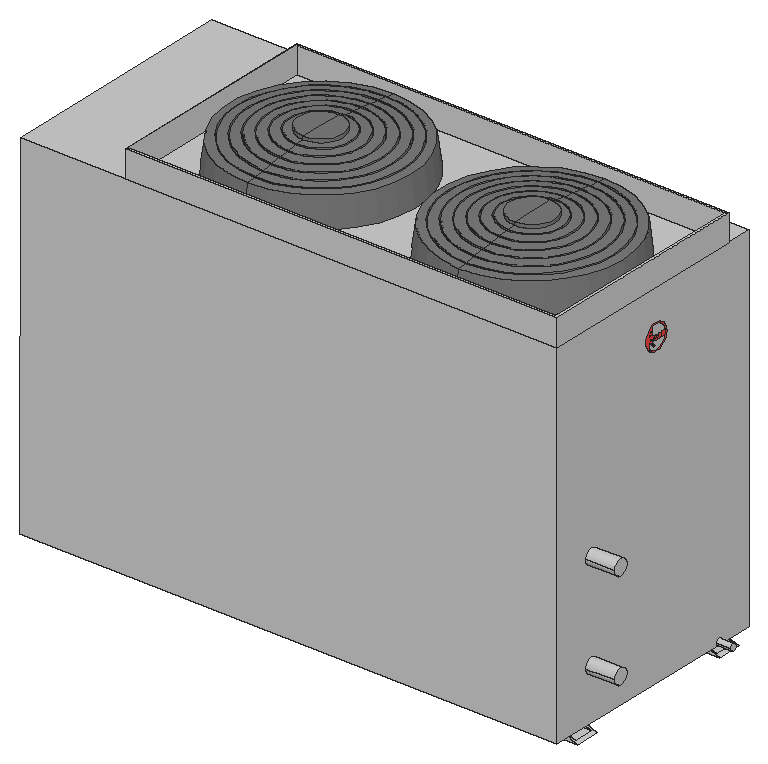
Revit family "Heat Pump-Rheem-A2W-35kW-Vertical", category Mechanical Equipment, Revit 2020
Family settings
  Round Connector Dimension = Use Radius
  Part Type = Normal
  OmniClass Number = 23.75.10.21
  OmniClass Title = Heat Pumps
  Work Plane-Based = No
  Always vertical = Yes
  Cut with Voids When Loaded = No
  Shared = No
  Room Calculation Point = No
Parameters (values of type "95203500")
  calcFanGuardDepth = 136 mm  # constant formula
  Width_ANZRS = 807 mm  # constant formula
  Wattage_ANZRS = 35 kW  # constant formula
  Voltage_ANZRS = 230 V
  URL = "https://www.rheem.com.au/products/commercial/commercial-heat-pumps"
  Type Comments = ""
  SupportInsetSide = 66 mm  # constant formula
  Show Fan Frame = yes
  ProductCode_ANZRS = "95203500"
  PowerFactor_ANZRS = 1
  PipeInsetSide = 145 mm  # constant formula
  OutletPipeDiameter = 50 mm  # constant formula
  calcOutletPipeRad = if(1 = 1, OutletPipeDiameter / 2, 0 mm)  # 25 mm
  Model = "Rheem Commercial Air to Water Heat Pump – 35kW Vertical Discharge & Ducted"
  Material_ANZRS = Rheem-Steel-Grey
  Manufacturer = "Rheem"  # constant formula
  Length_ANZRS = 1805 mm  # constant formula
  InletPipeDiameter = 50 mm  # constant formula
  calcInletPipeRadius = if(1 = 1, InletPipeDiameter / 2, 0 mm)  # 25 mm
  Height_ANZRS = 1378 mm  # constant formula
  Description = "Rheem's Commercial Air to Water (A2W) Heat Pump is designed with the commercial user in mind. A truly commercial grade heat pump that delivers hot water at 65°C with a system Coefficient of Performance (COP) up to 4.0. Ducted models are designed to be connected to ducting to convey cold discharge air away from the heat pump air inlet if a sufficient supply of heat energy is not available in the installation area."
  Default Elevation = 0 mm
  CreatedBy_ANZRS = "Design Content"  # constant formula
  CreatedByURL_ANZRS = "https://www.designcontent.com.au/"
  BodyWidth = 807 mm  # constant formula
  Assembly Code = ""
  ApparentLoad_ANZRS = Wattage_ANZRS  # 35 kW
Types (2, lengths in mm): name | Show Fan Frame | ProductCode_ANZRS | Model | Description
  95203500 | yes | "95203500" | "Rheem Commercial Air to Water Heat Pump – 35kW Vertical Discharge & Ducted" | "Rheem's Commercial Air to Water (A2W) Heat Pump is designed with the commercial user in mind. A truly commercial grade heat pump that delivers hot water at 65°C with a system Coefficient of Performance (COP) up to 4.0. Ducted models are designed to be connected to ducting to convey cold discharge air away from the heat pump air inlet if a sufficient supply of heat energy is not available in the installation area."
  95303500 | no | "95303500" | "Rheem Commercial Air to Water Heat Pump – 35kW Vertical Discharge & Non Ducted" | "Rheem's Commercial Air to Water (A2W) Heat Pump is designed with the commercial user in mind. A truly commercial grade heat pump that delivers hot water at 65°C with a system Coefficient of Performance (COP) up to 4.0. Non ducted models are generally designed for outdoor installations. Non ducted models may be installed indoors, without ducting, if a sufficient supply of heat energy is available."
Reference planes
  plane 1 "Center (Front/Back)": y = 0
  plane 2: z = 0
  plane 3 "Center (Left/Right)": x = 0
  plane 4 "Back": y = 403.5
  plane 5 "Front": y = -403.5
  plane 6 "Left": x = -902.5
  plane 7 "Right": x = 902.5
  plane 8: z = 47
  plane 9 "HEIGHT": z = 1242
  plane 10 "Inlet": z = 222.5
  plane 11 "Outlet": z = 551.5
  plane 12: y = 401.5
  plane 13: x = 846.5
  plane 14: x = -787.5
  plane 15: x = 1002.5
  plane 16 "Pipe Connectors": y = -258.5
  plane 17: y = -337.5
  plane 18: y = 337.5
  plane 19 "CompAccess1": y = 227.5
  plane 20 "CompAccess2": y = -330.5
  plane 21: z = 23.5
  plane 22: x = 952.5
  plane 23: z = 1333
  plane 24: x = 922.5
Forms (mm)
  Extrusion 1, solid, material "Rheem-Steel-Grey" <- "Material_ANZRS", detail levels medium+fine
    sketch origin (0, 0, 0) x (1, 0, 0) y (0, 1, 0)
      loop
        line (-902.5, 401.5) -> (-902.5, -403.5) -> (902.5, -403.5) -> (902.5, 401.5) -> (-902.5, 401.5)
    from 47 to 1242
  Extrusion 2, solid, material "Rheem-Steel-Grey" <- "Material_ANZRS", detail levels medium+fine
    sketch origin (0, 0, 0) x (1, 0, 0) y (0, 0, 1)
      loop
        line (-902.5, 1242) -> (-902.5, 47) -> (-14.281, 47) -> (902.5, 47) -> (902.5, 1242) -> (-902.5, 1242)
      loop
        line (-787.5, 67) -> (19.5, 67) -> (19.5, 611) -> (-787.5, 611) -> (-787.5, 67)
      loop
        line (-787.5, 1222) -> (-787.5, 631) -> (19.5, 631) -> (19.5, 1222) -> (-787.5, 1222)
      loop
        line (846.5, 1222) -> (39.5, 1222) -> (39.5, 631) -> (846.5, 631) -> (846.5, 1222)
      loop
        line (39.5, 67) -> (846.5, 67) -> (846.5, 611) -> (39.5, 611) -> (39.5, 67)
    from -403.5 to -401.5
  Extrusion 3, solid, material "Rheem-Steel-Grey" <- "Material_ANZRS"
    sketch origin (0, 111.908, 381.979) x (0, -1, 0) y (0, 0, 1)
      loop
        circle (370.408, -159.479) r 25
      loop
        circle (370.408, 169.521) r 25
    from -902.5 to -1002.5
  Extrusion 4, solid, material "Rheem-Steel-Grey" <- "Material_ANZRS", visible <- "Show Fan Frame"
    sketch origin (0, -1983.5, 1375) x (-1, 0, 0) y (0, -1, 0)
      loop
        line (548.5, -2303) -> (548.5, -1580) -> (-902.5, -1580) -> (-902.5, -2303) -> (548.5, -2303)
      loop
        line (545.5, -2298) -> (545.5, -1585) -> (-897.5, -1585) -> (-897.5, -2298) -> (545.5, -2298)
    from -133 to -42
  Extrusion 5, solid, material "Rheem-Steel-Grey" <- "Material_ANZRS", detail levels medium+fine
    sketch origin (0, 0, 0) x (1, 0, 0) y (0, 0, 1)
      loop
        line (-902.5, 5) -> (-927.5, 5) -> (-927.5, 0) -> (-897.5, 0) -> (-897.5, 18.5) -> (-827.5, 18.5) -> (-827.5, 0) -> (-797.5, 0) -> (-797.5, 5) -> (-822.5, 5) -> (-822.5, 23.5) -> (-902.5, 23.5) -> (-902.5, 5)
    from -337.5 to 337.5
  Extrusion 6, solid, material "Rheem-Steel-Grey-Perforated", detail levels medium+fine
    sketch origin (-575, 357.5, 0) x (1, 0, 0) y (0, 0, -1)
      loop
        line (1421.5, -1222) -> (1421.5, -631) -> (614.5, -631) -> (614.5, -1222) -> (1421.5, -1222)
      loop
        line (1421.5, -67) -> (614.5, -67) -> (614.5, -611) -> (1421.5, -611) -> (1421.5, -67)
      loop
        line (-212.5, -611) -> (594.5, -611) -> (594.5, -67) -> (-212.5, -67) -> (-212.5, -611)
      loop
        line (594.5, -1222) -> (594.5, -631) -> (-212.5, -631) -> (-212.5, -1222) -> (594.5, -1222)
    from 44 to 46
  Extrusion 7, solid, material "Rheem-Steel-Grey" <- "Material_ANZRS"
    sketch origin (902.5, 0, 0) x (0, -1, 0) y (0, 0, -1)
      loop
        circle (-277.5, -57) r 10
    from 0 to 50
  Extrusion 8, solid, detail levels medium+fine
    sketch origin (-902.5, 0, 425) x (0, -1, 0) y (0, 0, 1)
      loop
        circle (367, 725) r 15
      loop
        circle (367.008, 675) r 15
      loop
        circle (367.008, 625) r 15
      loop
        circle (367.008, 575) r 15
    from 0 to 5
  Extrusion 9, solid, material "Rheem-Steel-Grey" <- "Material_ANZRS", detail levels coarse
    sketch origin (0, 0, 1242) x (-1, 0, 0) y (0, -1, 0)
      loop
        line (902.5, -403.5) -> (902.5, 403.5) -> (-902.5, 403.5) -> (-902.5, -403.5) -> (902.5, -403.5)
    from -1242 to 0
  Extrusion 10, solid, material "Rheem-Steel-Grey" <- "Material_ANZRS", detail levels medium+fine
    sketch origin (0, 0, 0) x (0, 1, 0) y (0, 0, 1)
      loop
        line (362.5, 47) -> (332.5, 47) -> (332.5, 28.5) -> (262.481, 28.5) -> (262.481, 47) -> (232.395, 47) -> (232.395, 42) -> (257.395, 42) -> (257.395, 23.5) -> (337.5, 23.5) -> (337.5, 42) -> (362.5, 42) -> (362.5, 47)
      loop
        line (-232.395, 47) -> (-262.395, 47) -> (-262.395, 28.5) -> (-332.414, 28.5) -> (-332.414, 47) -> (-362.5, 47) -> (-362.5, 42) -> (-337.5, 42) -> (-337.5, 23.5) -> (-257.395, 23.5) -> (-257.395, 42) -> (-232.395, 42) -> (-232.395, 47)
    from -902.5 to 922.5
  Extrusion 11, void
    sketch origin (0, 0, 0) x (-1, 0, 0) y (0, 0, -1)
      loop
        line (-922.5, -23.5) -> (-922.5, -47) -> (-859.96, -47) -> (-922.5, -23.5)
    from -362.5 to 362.5
Cuts and joins
  Extrusion 11 cuts Extrusion 1
  Extrusion 11 cuts Extrusion 2
  joined: Extrusion 1, Extrusion 2
  Extrusion 11 cuts Extrusion 9
  Extrusion 11 cuts Extrusion 10
Lines and regions (mm)
  Split face 1
    outline origin (-902.5, 401.5, 1242) x (0, 1, 0) y (0, 0, -1)
      loop
        line (-174, 1) -> (-174, 1194) -> (-732, 1194) -> (-732, 1) -> (-174, 1)
  Split face 2
    outline origin (902.5, 401.5, 47) x (0, 1, 0) y (0, 0, 1)
      loop
        line (-601, 1194) -> (-601, 1) -> (-173, 1) -> (-173, 1194) -> (-601, 1194)
  model lines, style "Heat Pumps", detail levels medium+fine
    curve 1: line (-722.5, -403.5, 1105.005) -> (722.5, -403.5, 1105.005)
    curve 2: line (-802.5, -403.5, 825.005) -> (-802.5, -403.5, 1025.005)
    curve 3: line (722.5, -403.5, 745.005) -> (-722.5, -403.5, 745.005)
    curve 4: line (802.5, -403.5, 1025.005) -> (802.5, -403.5, 825.005)
    curve 5: arc (-722.5, -403.5, 1105.005) -> (-779.069, -403.5, 1081.573) -> (-802.5, -403.5, 1025.005) r 80
    curve 6: arc (-802.5, -403.5, 825.005) -> (-779.069, -403.5, 768.436) -> (-722.5, -403.5, 745.005) r 80
    curve 7: arc (722.5, -403.5, 745.005) -> (779.069, -403.5, 768.436) -> (802.5, -403.5, 825.005) r 80
    curve 8: arc (802.5, -403.5, 1025.005) -> (779.069, -403.5, 1081.573) -> (722.5, -403.5, 1105.005) r 80
    curve 9: line (-722.5, -403.5, 183.995) -> (722.5, -403.5, 183.995)
    curve 10: line (-802.5, -403.5, 463.995) -> (-802.5, -403.5, 263.995)
    curve 11: line (722.5, -403.5, 543.995) -> (-722.5, -403.5, 543.995)
    curve 12: line (802.5, -403.5, 263.995) -> (802.5, -403.5, 463.995)
    curve 13: arc (-722.5, -403.5, 183.995) -> (-779.069, -403.5, 207.427) -> (-802.5, -403.5, 263.995) r 80
    curve 14: arc (-802.5, -403.5, 463.995) -> (-779.069, -403.5, 520.564) -> (-722.5, -403.5, 543.995) r 80
    curve 15: arc (722.5, -403.5, 543.995) -> (779.069, -403.5, 520.564) -> (802.5, -403.5, 463.995) r 80
    curve 16: arc (802.5, -403.5, 263.995) -> (779.069, -403.5, 207.427) -> (722.5, -403.5, 183.995) r 80
Dimensions and locks
  equal spacing: plane 6 "Left", plane 3 "Center (Left/Right)", plane 7 "Right"
  equal spacing: plane 4 "Back", plane 1 "Center (Front/Back)", plane 5 "Front"
  "BodyWidth": plane 4 "Back" to plane 5 "Front"
  "Length_ANZRS": plane 6 "Left" to plane 7 "Right"
  locked: plane 10 "Inlet" to plane 21 at 199
  locked: plane 11 "Outlet" to plane 10 "Inlet" at 329
  locked: plane 4 "Back" to plane 12 at 2
  locked: plane 8 to Extrusion 2 sketch curve at 20
  locked: Extrusion 2 sketch curve to plane 9 "HEIGHT" at 20
  locked: plane 15 to plane 7 "Right" at 100
  locked: Extrusion 4 sketch curve to Extrusion 4 sketch curve at 5  (x2)
  locked: plane 7 "Right" to Extrusion 4 sketch curve at 5
  "PipeInsetSide": plane 5 "Front" to plane 16 "Pipe Connectors"
  Extrusion 5 sketch curve to plane 6 "Left" to Extrusion 5 sketch curve to Extrusion 5 sketch curve to Extrusion 5 sketch curve to Extrusion 5 sketch curve = 25 mm locked, 5 mm locked, 70 mm locked, 5 mm locked, 25 mm locked
  Extrusion 5 sketch curve to Extrusion 5 sketch curve to plane 2 = 0 mm locked, 5 mm locked
  "SupportInsetSide": plane 5 "Front" to plane 17
  "SupportInsetSide": plane 18 to plane 4 "Back"
  locked: plane 9 "HEIGHT" to Split face 1 sketch curve at 1
  locked: Split face 1 sketch curve to plane 8 at 1
  locked: plane 13 to plane 7 "Right" at 56
  locked: plane 6 "Left" to plane 14 at 115
  locked: plane 9 "HEIGHT" to plane 8 at 1195
  equal spacing: plane 8, plane 21, plane 2
  locked: plane 21 to Extrusion 5 sketch curve at 5
  locked: plane 5 "Front" to Split face 2 sketch curve at 204
  Split face 2 sketch curve to plane 4 "Back" = 175 mm
  locked: plane 9 "HEIGHT" to Split face 2 sketch curve at 1
  locked: Split face 2 sketch curve to plane 8 at 1
  locked: Extrusion 7 sketch curve to plane 8 at 10
  equal spacing: plane 15, plane 22, plane 7 "Right"
  equal spacing: plane 20 "CompAccess2", Extrusion 8 sketch curve, plane 5 "Front"
  locked: plane 9 "HEIGHT" to nested 1 at 150
  locked: plane 8 to Extrusion 10 sketch curve at 5  (x2)
  locked: Extrusion 10 sketch curve to plane 21 at 5  (x2)
  Extrusion 10 sketch curve to plane 18 to Extrusion 10 sketch curve to Extrusion 10 sketch curve to Extrusion 10 sketch curve to Extrusion 10 sketch curve = 25 mm locked, 5 mm locked, 70.019 mm locked, 5.086 mm locked, 25 mm locked
  locked: plane 6 "Left" to plane 24 at 1825
  locked: plane 4 "Back" to Extrusion 7 sketch curve at 126
  locked: plane 20 "CompAccess2" to plane 5 "Front" at 73
  locked: plane 19 "CompAccess1" to plane 20 "CompAccess2" at 558
  equal spacing: plane 19 "CompAccess1", nested 1, plane 20 "CompAccess2"
  Extrusion 10 sketch curve to Extrusion 10 sketch curve to Extrusion 10 sketch curve to Extrusion 10 sketch curve to Extrusion 10 sketch curve to Extrusion 10 sketch curve = 25 mm locked, 5 mm locked, 70.019 mm locked, 5.086 mm locked, 25 mm locked
  locked: Extrusion 4 sketch curve to Extrusion 4 sketch curve at 723
  plane 9 "HEIGHT" to nested 2 = 150 mm
  equal spacing: Split face 2, nested 2, Split face 2
  locked: plane 8 to plane 2 at 47
  locked: plane 23 to plane 9 "HEIGHT" at 91
  locked: Extrusion 4 sketch curve to plane 7 "Right" at 1451
  plane 7 "Right" to nested 4 to nested 3 = 358 mm locked, 720 mm locked
  "calcOutletPipeRad": radius of Extrusion 3 sketch curve
  "calcInletPipeRadius": radius of Extrusion 3 sketch curve
  radius of Extrusion 7 sketch curve = 10 mm
  aligned and locked: level to plane 2
  aligned and locked: Extrusion 1 sketch curve to plane 6 "Left"
  aligned and locked: Extrusion 1 sketch curve to plane 7 "Right"
  aligned and locked: plane 9 "HEIGHT" to Extrusion 1
  aligned and locked: Extrusion 1 to plane 8
  aligned and locked: plane 5 "Front" to Extrusion 1
  aligned and locked: Extrusion 1 sketch curve to plane 12
  aligned and locked: cut or joined group of Extrusion 1, Extrusion 2, Extrusion 11 to plane 12
  aligned and locked: plane 4 "Back" to cut or joined group of Extrusion 1, Extrusion 2, Extrusion 11
  aligned and locked: Extrusion 2 sketch curve to plane 13
  aligned and locked: plane 14 to Extrusion 2 sketch curve
  aligned and locked: plane 7 "Right" to Extrusion 4 sketch curve
  aligned and locked: Extrusion 3 to plane 7 "Right"
  aligned and locked: Extrusion 5 sketch curve to plane 6 "Left"
  aligned and locked: plane 2 to Extrusion 5 sketch curve  (x2)
  aligned and locked: Extrusion 5 to plane 17
  aligned and locked: plane 18 to Extrusion 5
  aligned and locked: Split face 1 sketch curve to plane 20 "CompAccess2"
  aligned and locked: Split face 1 sketch curve to plane 19 "CompAccess1"
  aligned and locked: plane 11 "Outlet" to Extrusion 3 sketch curve
  aligned and locked: plane 16 "Pipe Connectors" to Extrusion 3 sketch curve  (x2)
  aligned and locked: plane 10 "Inlet" to Extrusion 3 sketch curve
  aligned and locked: Extrusion 6 to plane 13
  aligned and locked: plane 14 to Extrusion 6
  aligned and locked: Extrusion 6 to plane 12
  aligned and locked: plane 4 "Back" to Extrusion 6
  aligned and locked: cut or joined group of Extrusion 1, Extrusion 2, Extrusion 11 to Extrusion 6
  aligned and locked: Extrusion 5 sketch curve to plane 21
  aligned and locked: Extrusion 7 to cut or joined group of Extrusion 1, Extrusion 2, Extrusion 11
  aligned and locked: plane 22 to Extrusion 7
  aligned and locked: Extrusion 8 to cut or joined group of Extrusion 1, Extrusion 2, Extrusion 11
  aligned and locked: Extrusion 9 sketch curve to plane 4 "Back"
  aligned and locked: Extrusion 9 sketch curve to plane 5 "Front"
  aligned and locked: Extrusion 9 sketch curve to plane 7 "Right"
  aligned and locked: Extrusion 9 sketch curve to plane 6 "Left"
  aligned and locked: Extrusion 9 to plane 2
  aligned and locked: Extrusion 10 sketch curve to plane 21  (x2)
  aligned and locked: plane 6 "Left" to Extrusion 10
  aligned and locked: Extrusion 2 sketch curve to Extrusion 6  (x2)
  aligned and locked: plane 15 to Extrusion 3
  aligned and locked: Extrusion 11 sketch curve to plane 24
  aligned and locked: Extrusion 4 to plane 9 "HEIGHT"
  aligned and locked: plane 23 to Extrusion 4
  aligned and locked: plane 9 "HEIGHT" to cut or joined group of Extrusion 9, Extrusion 11
Automatic sketch dimensions
  plane 5 "Front" to Extrusion 1 sketch curve = 0 mm
  plane 6 "Left" to Extrusion 2 sketch curve = 0 mm
  plane 14 to Extrusion 2 sketch curve = 0 mm
  Extrusion 2 sketch curve to plane 8 = 0 mm
  plane 13 to Extrusion 2 sketch curve = 0 mm
  Extrusion 2 sketch curve to plane 7 "Right" = 0 mm
  Extrusion 2 sketch curve to plane 9 "HEIGHT" = 0 mm
  Extrusion 2 sketch curve to plane 3 "Center (Left/Right)" = 14.281 mm
  plane 3 "Center (Left/Right)" to Extrusion 2 sketch curve = 19.5 mm
  Extrusion 2 sketch curve to Extrusion 2 sketch curve = 20 mm  (x2)
  plane 8 to Extrusion 2 sketch curve = 20 mm
  plane 11 "Outlet" to Extrusion 2 sketch curve = 59.5 mm  (x2)
  Extrusion 2 sketch curve to Extrusion 2 sketch curve = 0 mm
  Extrusion 2 sketch curve to plane 9 "HEIGHT" = 20 mm
  plane 5 "Front" to Extrusion 4 sketch curve = 0 mm
  Extrusion 4 sketch curve to Extrusion 4 sketch curve = 3 mm
  plane 14 to Extrusion 6 sketch curve = 0 mm  (x2)
  plane 13 to Extrusion 6 sketch curve = 0 mm  (x2)
  plane 3 "Center (Left/Right)" to Extrusion 6 sketch curve = 19.5 mm  (x2)
  Extrusion 6 sketch curve to Extrusion 6 sketch curve = 20 mm  (x3)
  Extrusion 6 sketch curve to plane 9 "HEIGHT" = 20 mm  (x2)
  plane 11 "Outlet" to Extrusion 6 sketch curve = 79.5 mm  (x2)
  Extrusion 6 sketch curve to Extrusion 6 sketch curve = 0 mm  (x2)
  plane 8 to Extrusion 6 sketch curve = 20 mm
  Extrusion 8 sketch curve to plane 17 = 29.508 mm  (x3)
  Extrusion 8 sketch curve to plane 9 "HEIGHT" = 242 mm
  Extrusion 8 sketch curve to Extrusion 8 sketch curve = 50 mm  (x3)
  Extrusion 10 sketch curve to plane 8 = 0 mm  (x4)
  Extrusion 10 sketch curve to plane 17 = 0 mm
  Extrusion 10 sketch curve to plane 18 = 0 mm
  Extrusion 10 sketch curve to plane 8 = 5 mm  (x2)
  Extrusion 11 sketch curve to plane 8 = 0 mm
  Extrusion 11 sketch curve to plane 21 = 0 mm
  Extrusion 11 sketch curve to plane 13 = 13.46 mm
  curve 12 to Extrusion 1 = 100 mm
  curve 4 to Extrusion 1 = 100 mm
  curve 12 to curve 11 = 80 mm
  curve 4 to curve 3 = 80 mm
  curve 12 to curve 16 = 80 mm
  curve 4 to curve 1 = 80 mm
  Extrusion 1 to curve 9 = 180 mm
  Extrusion 1 to curve 6 = 180 mm
  Extrusion 1 to curve 5 = 180 mm
  Extrusion 1 to curve 11 = 180 mm
  curve 13 to curve 10 = 80 mm
  curve 5 to curve 2 = 80 mm
  Extrusion 1 to curve 1 = 136.995 mm
  curve 5 to curve 6 = 200 mm
  curve 6 to curve 11 = 201.009 mm
  Extrusion 1 to curve 13 = 216.995 mm
  radius of Extrusion 8 sketch curve = 15 mm  (x4)
Nested families
  nested 1: "X_Rheem Logo" at (-902.5, -51.5, 1092) x (0, -1, 0) z (-1, 0, 0), type "Standard", detail levels fine
  nested 2: "X_Rheem Logo" at (902.5, 14.5, 1092) x (0, 1, 0) z (1, 0, 0), type "Standard", detail levels fine
  nested 3: "X_Rheem_FanGuard" at (-175.5, -47.605, 1242), type "Standard"
    with FanGuardRad 320 mm, FanGuardHead 10 mm, FanGuardDepth 136 mm
  nested 4: "X_Rheem_FanGuard" at (544.5, -58.5, 1242), type "Standard"
    with FanGuardRad 320 mm, FanGuardHead 10 mm, FanGuardDepth 136 mm
Connectors
  piping at (1002.5, -258.5, 222.5), diameter 50, driven by "calcInletPipeRadius"
    settings: on Extrusion 3, index 9, connector inside diameter 20 mm, connector length 0 mm, flow factor 0, pipe flow 0.0 L/s, pressure drop 0.0 Pa, fitting loss kfactor 0, connector angle 0.00°, fixture units 0, engagement length 0 mm, angle of deflection 0.00°, flow configuration 1, flow direction 1, fitting loss method 0, system type 20, joint type 0, gender type 0, connector reference index -1, connector utility 0, adjustable connector no, is connector primary yes, connector description "Water In"
  piping at (1002.5, -258.5, 222.5), diameter 50, driven by "calcOutletPipeRad"
    settings: on Extrusion 3, index 10, connector inside diameter 20 mm, connector length 0 mm, flow factor 0, pipe flow 0.0 L/s, pressure drop 0.0 Pa, fitting loss kfactor 0, connector angle 0.00°, fixture units 0, engagement length 0 mm, angle of deflection 0.00°, flow configuration 1, flow direction 1, fitting loss method 0, system type 20, joint type 0, gender type 0, connector reference index -1, connector utility 0, adjustable connector no, is connector primary no, connector description "Water In"
  piping at (952.5, 277.5, 57), diameter 20
    settings: on Extrusion 7, index 11, connector inside diameter 609.6 mm, connector length 0 mm, flow factor 0, pipe flow 0.0 L/s, pressure drop 0.0 Pa, fitting loss kfactor 0, connector angle 0.00°, fixture units 0, engagement length 0 mm, angle of deflection 0.00°, flow configuration 1, flow direction 2, fitting loss method 0, system type 16, joint type 0, gender type 0, connector reference index -1, connector utility 0, adjustable connector no, is connector primary no, connector description ""
  electrical at (-902.5, -367, 1150), driven by "Voltage_ANZRS", driven by "ApparentLoad_ANZRS", driven by "PowerFactor_ANZRS"
    settings: on Extrusion 8, index 12, voltage 230 V, apparent load 35 kW, apparent load phase1 0 kW, apparent load phase2 0 kW, apparent load phase3 0 kW, power factor 1, load classification "Power", number of poles 1, system type 30, power factor state 1, is connector primary yes, connector utility no, sub classification motor no, connector description ""
  electrical at (-902.5, -367.008, 1100), driven by "Voltage_ANZRS", driven by "ApparentLoad_ANZRS", driven by "PowerFactor_ANZRS"
    settings: on Extrusion 8, index 13, voltage 230 V, apparent load 35 kW, apparent load phase1 0 kW, apparent load phase2 0 kW, apparent load phase3 0 kW, power factor 1, load classification "Power", number of poles 1, system type 30, power factor state 1, is connector primary no, connector utility no, sub classification motor no, connector description ""
  electrical at (-902.5, -367.008, 1050), driven by "Voltage_ANZRS", driven by "ApparentLoad_ANZRS", driven by "PowerFactor_ANZRS"
    settings: on Extrusion 8, index 14, voltage 230 V, apparent load 35 kW, apparent load phase1 0 kW, apparent load phase2 0 kW, apparent load phase3 0 kW, power factor 1, load classification "Power", number of poles 1, system type 30, power factor state 1, is connector primary no, connector utility no, sub classification motor no, connector description ""
  electrical at (-902.5, -367.008, 1000), driven by "Voltage_ANZRS", driven by "ApparentLoad_ANZRS", driven by "PowerFactor_ANZRS"
    settings: on Extrusion 8, index 15, voltage 230 V, apparent load 35 kW, apparent load phase1 0 kW, apparent load phase2 0 kW, apparent load phase3 0 kW, power factor 1, load classification "Power", number of poles 1, system type 30, power factor state 1, is connector primary no, connector utility no, sub classification motor no, connector description ""
  piping at (1002.5, -258.5, 551.5), diameter 50, driven by "calcInletPipeRadius"
    settings: on Extrusion 3, index 16, connector inside diameter 609.6 mm, connector length 0 mm, flow factor 0, pipe flow 0.0 L/s, pressure drop 0.0 Pa, fitting loss kfactor 0, connector angle 0.00°, fixture units 0, engagement length 0 mm, angle of deflection 0.00°, flow configuration 1, flow direction 2, fitting loss method 0, system type 19, joint type 0, gender type 0, connector reference index -1, connector utility 0, adjustable connector no, is connector primary no, connector description "Water Out"
Definition of nested family "X_Rheem Logo"
  Parameters (values of type "Standard")
    Default Elevation = 1219.2 mm
    Assembly Code = ""
  Reference planes
    plane 1 "Center (Front/Back)": y = 0
    plane 2: z = 0
    plane 3 "Center (Left/Right)": x = 0
  Forms (mm)
    Extrusion 1, solid
      sketch origin (0, 0, 0) x (1, 0, 0) y (0, 1, 0)
        loop
          line (-1219.2, 1219.2) -> (-1219.2, -1219.2) -> (1219.2, -1219.2) -> (1219.2, 1219.2) -> (-1219.2, 1219.2)
      from 0 to -304.8
    Extrusion 2, solid
      sketch origin (0, 0, 0) x (1, 0, 0) y (0, 1, 0)
        loop
          arc (-33.529, -21.813) -> (38.36, -11.338) -> (-16.283, 36.536) r 40
          line (-16.283, 36.536) -> (-16.283, 5.397)
          arc (-16.283, 5.397) -> (-14.75, 6.901) -> (-12.662, 7.405) r 4.033
          arc (-12.662, 7.405) -> (-9.852, 6.403) -> (-8.561, 3.712) r 3.918
          line (-8.561, 3.712) -> (-8.561, -8.033) -> (-11.525, -8.033) -> (-11.525, 1.806)
          arc (-11.525, 1.806) -> (-12.858, 4.057) -> (-15.428, 3.572) r 2.279
          arc (-15.428, 3.572) -> (-15.988, 2.759) -> (-16.246, 1.806) r 2.925
          line (-16.246, 1.806) -> (-16.246, -8.079) -> (-19.645, -8.079) -> (-19.645, 34.843)
          arc (-19.645, 34.843) -> (-26.644, 29.834) -> (-32.41, 23.444) r 40
          arc (-32.41, 23.444) -> (-21.103, 13.87) -> (-28.782, 1.2) r 11.411
          line (-28.782, 1.2) -> (-7.321, -24.919) -> (-11.462, -24.919) -> (-31.83, -0.131) -> (-31.83, -21.813) -> (-33.529, -21.813)
        loop
          line (-35.017, -19.335) -> (-35.017, 19.335)
          arc (-35.017, 19.335) -> (-40, 0) -> (-35.017, -19.335) r 40
        loop
          line (19.37, -8.097) -> (22.563, -8.097) -> (22.563, 2.258)
          spline (22.563, 2.258) -> (22.878, 3.103) -> (23.24, 3.526) -> (23.639, 3.818) -> (24.082, 3.997) -> (24.556, 4.074) -> (25.034, 4.068) -> (25.491, 3.983) -> (25.903, 3.817) -> (26.238, 3.56) -> (26.492, 3.191) -> (26.717, 2.639) -> (26.9, 1.6)
          line (26.9, 1.6) -> (26.9, -8.097) -> (29.854, -8.097) -> (29.854, 2.258)
          spline (29.854, 2.258) -> (30.181, 3.064) -> (30.553, 3.474) -> (30.969, 3.74) -> (31.419, 3.936) -> (31.889, 4.059) -> (32.364, 4.078) -> (32.821, 3.995) -> (33.233, 3.826) -> (33.568, 3.567) -> (33.822, 3.195) -> (34.048, 2.639) -> (34.231, 1.594)
          line (34.231, 1.594) -> (34.231, -8.097) -> (37.174, -8.097) -> (37.174, 3.718)
          spline (37.174, 3.718) -> (36.65, 5.383) -> (35.957, 6.159) -> (35.415, 6.563) -> (34.941, 6.826) -> (34.394, 7.032) -> (33.695, 7.17) -> (32.91, 7.2) -> (32.152, 7.119) -> (31.53, 6.952) -> (31.006, 6.67) -> (30.429, 6.179) -> (29.566, 5.166)
          spline (29.566, 5.166) -> (28.777, 6.078) -> (28.276, 6.494) -> (27.782, 6.788) -> (27.231, 7.014) -> (26.621, 7.177) -> (26.085, 7.261) -> (25.622, 7.26) -> (25.015, 7.185) -> (24.376, 7.012) -> (23.849, 6.722) -> (23.308, 6.304) -> (22.552, 5.275)
          line (22.552, 5.275) -> (22.552, 6.926) -> (19.37, 6.926) -> (19.37, -8.097)
        loop
          line (-4.051, 1.414) -> (2.029, 1.414)
          spline (2.029, 1.414) -> (1.473, 2.786) -> (1.087, 3.377) -> (0.673, 3.834) -> (0.205, 4.224) -> (-0.271, 4.485) -> (-0.868, 4.588) -> (-1.527, 4.548) -> (-2.06, 4.356) -> (-2.438, 4.033) -> (-2.865, 3.608) -> (-3.384, 2.906) -> (-4.051, 1.414)
        loop
          line (-4.095, -1.507) -> (5.029, -1.507)
          spline (5.029, -1.507) -> (4.769, 1.886) -> (4.1, 3.692) -> (3.083, 5.302) -> (1.664, 6.502) -> (-0.127, 7.316) -> (-1.72, 7.317) -> (-3.497, 6.614) -> (-4.898, 5.44) -> (-6.016, 3.817) -> (-6.693, 1.944) -> (-6.954, 0.058) -> (-6.657, -3.194)
          spline (-6.657, -3.194) -> (-5.711, -5.424) -> (-4.777, -6.63) -> (-3.808, -7.465) -> (-2.878, -7.994) -> (-1.873, -8.306) -> (-0.773, -8.411) -> (0.288, -8.278) -> (1.264, -7.907) -> (2.23, -7.346) -> (3.148, -6.594) -> (4.02, -5.578) -> (4.876, -3.596)
          line (4.876, -3.596) -> (1.705, -3.596)
          spline (1.705, -3.596) -> (0.883, -4.78) -> (0.307, -5.189) -> (-0.248, -5.429) -> (-0.802, -5.54) -> (-1.305, -5.525) -> (-1.909, -5.294) -> (-2.514, -4.923) -> (-2.921, -4.547) -> (-3.253, -4.098) -> (-3.591, -3.486) -> (-3.885, -2.641) -> (-4.095, -1.507)
        loop
          line (8.984, 1.152) -> (15.064, 1.152)
          spline (15.064, 1.152) -> (14.509, 2.524) -> (14.123, 3.116) -> (13.708, 3.573) -> (13.241, 3.962) -> (12.764, 4.224) -> (12.168, 4.327) -> (11.508, 4.287) -> (10.975, 4.095) -> (10.598, 3.771) -> (10.171, 3.347) -> (9.652, 2.645) -> (8.984, 1.152)
        loop
          line (8.973, -1.54) -> (18.097, -1.54)
          spline (18.097, -1.54) -> (17.837, 1.853) -> (17.168, 3.659) -> (16.151, 5.269) -> (14.732, 6.469) -> (12.941, 7.283) -> (11.348, 7.285) -> (9.571, 6.581) -> (8.17, 5.407) -> (7.052, 3.785) -> (6.375, 1.911) -> (6.114, 0.026) -> (6.412, -3.226)
          spline (6.412, -3.226) -> (7.357, -5.456) -> (8.291, -6.663) -> (9.26, -7.498) -> (10.191, -8.027) -> (11.195, -8.339) -> (12.295, -8.444) -> (13.356, -8.311) -> (14.332, -7.939) -> (15.298, -7.379) -> (16.217, -6.626) -> (17.088, -5.61) -> (17.944, -3.629)
          line (17.944, -3.629) -> (14.773, -3.629)
          spline (14.773, -3.629) -> (13.951, -4.813) -> (13.375, -5.222) -> (12.82, -5.462) -> (12.266, -5.573) -> (11.763, -5.557) -> (11.159, -5.326) -> (10.555, -4.955) -> (10.147, -4.58) -> (9.816, -4.131) -> (9.477, -3.519) -> (9.183, -2.673) -> (8.973, -1.54)
        loop
          circle (0, 0) r 43
        loop
          arc (-31.817, 3.841) -> (-24.154, 12.033) -> (-31.817, 20.226) r 8.211
          line (-31.817, 20.226) -> (-31.817, 3.841)
      from 0 to 1
  Dimensions and locks
    aligned and locked: plane 2 to Extrusion 1
    aligned and locked: level to Extrusion 1
Definition of nested family "X_Rheem_FanGuard"
  Parameters (values of type "Standard")
    Material = none
    FanGuardRad = 240 mm
    FanGuardHead = 8 mm
    FanGuardDepth = 116 mm
    Default Elevation = 1219.2 mm
  Reference planes
    plane 1 "Center (Front/Back)": y = 0
    plane 2: z = 0
    plane 3 "Center (Left/Right)": x = 0
    plane 4: z = 116
    plane 5: z = 108
    plane 6: y = 240
    plane 7: z = 58
    plane 8: z = 83
  Forms (mm)
    Extrusion 1, solid
      sketch origin (0, 0, 0) x (1, 0, 0) y (0, 1, 0)
        loop
          line (-1219.2, 1219.2) -> (-1219.2, -1219.2) -> (1219.2, -1219.2) -> (1219.2, 1219.2) -> (-1219.2, 1219.2)
      from 0 to -304.8
    Revolve 2, solid, material <- "Material", detail levels fine
      sketch origin (0, 0, 0) x (0, 1, 0) y (0, 0, 1)
        loop
          line (0, 116) -> (0, 0) -> (240, 0) -> (227.216, 83) -> (75, 108) -> (75, 116) -> (0, 116)
        axis (0, 116) -> (0, 0)
      angle from 0 to 360
    Extrusion 3, void
      sketch origin (0, 0, 0) x (1, 0, 0) y (0, 1, 0)
        loop
          circle (0, 0) r 100
        loop
          circle (0, 0) r 105
        loop
          circle (0, 0) r 135
        loop
          circle (0, 0) r 140
        loop
          circle (0, 0) r 170
        loop
          circle (0, 0) r 175
        loop
          circle (0, 0) r 205
        loop
          circle (0, 0) r 210
        loop
          circle (0, 0) r 240
        loop
          circle (0, 0) r 245
        loop
          circle (0, 0) r 275
        loop
          circle (0, 0) r 280
      from 0 to 116
    Extrusion 4, solid, material <- "Material", detail levels coarse+medium
      sketch origin (0, 0, 0) x (1, 0, 0) y (0, 1, 0)
        loop
          circle (0, 0) r 240
      from 0 to 116
  Cuts and joins
    Extrusion 3 cuts Revolve 2
  Dimensions and locks
    "FanGuardRad": plane 6 to plane 1 "Center (Front/Back)"
    "FanGuardDepth": plane 4 to plane 2
    "FanGuardHead": plane 4 to plane 5
    equal spacing: plane 4, plane 7, plane 2
    equal spacing: plane 5, plane 8, plane 7
    locked: plane 6 to Revolve 2 sketch curve at 12.784
    "FanGuardRad": radius of Extrusion 4 sketch curve
    aligned and locked: plane 2 to Extrusion 1
    aligned and locked: level to Extrusion 1
    aligned and locked: Revolve 2 sketch curve to plane 1 "Center (Front/Back)"
    aligned and locked: plane 4 to Extrusion 3
    aligned and locked: Extrusion 3 to level
    aligned and locked: plane 3 "Center (Left/Right)" to Extrusion 4 sketch curve
    aligned and locked: plane 1 "Center (Front/Back)" to Extrusion 4 sketch curve
    aligned and locked: Extrusion 4 to plane 4
    aligned and locked: Extrusion 4 to level
    aligned and locked: plane 8 to Revolve 2 sketch curve
  Automatic sketch dimensions
    Extrusion 1 sketch curve to Extrusion 1 sketch curve = 2438.4 mm  (x2)
    plane 1 "Center (Front/Back)" to Extrusion 3 sketch curve = 0 mm
    Extrusion 3 sketch curve to plane 3 "Center (Left/Right)" = 0 mm
    Revolve 2 sketch curve to plane 1 "Center (Front/Back)" = 0 mm
    Revolve 2 sketch curve to plane 4 = 0 mm
    Revolve 2 sketch curve to plane 5 = 0 mm
    Revolve 2 sketch curve to level = 0 mm
    Revolve 2 sketch curve to plane 6 = 0 mm
    Revolve 2 sketch curve to Revolve 2 sketch curve = 75 mm
    Revolve 2 sketch curve to Revolve 2 sketch curve = 500 mm
    Revolve 2 sketch curve to Revolve 2 sketch curve = 100 mm
    radius of Extrusion 3 sketch curve = 100 mm
